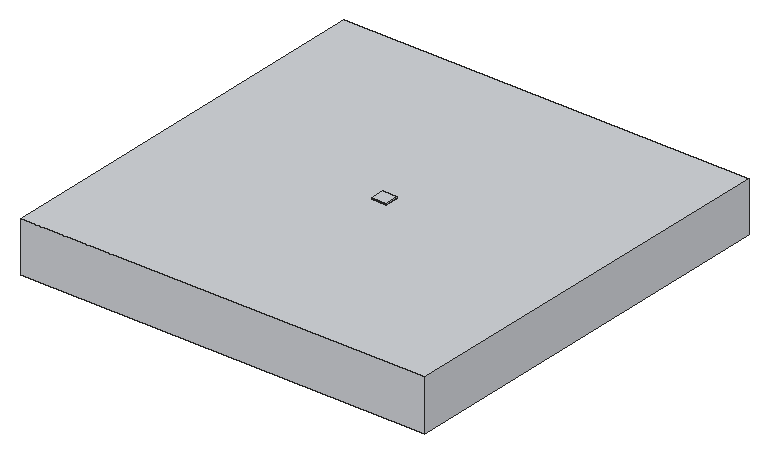
Revit family "auto-单相二三极插座", category 电气装置, Revit 2020
Family settings
  主体 = 面
  保持注释方向 = 是
  圆形连接件大小 = 使用直径
  零件类型 = 标准
  加载时剪切的空心 = 否
  共享 = 否
  房间计算点 = 否
Parameters (values of type "标准")
  宽度 = 长度  # 86.00 mm
  开关电压 = 250 V
  半径 3 = 2.80 mm
  半径 2 = 9.00 mm
  半径 1 = 11.00 mm
  极数 = 1
  材质 = none
  负荷分类 = 其他
  长度 7 = 7.90 mm
  长度 6 = 6.40 mm
  长度 5 = 1.50 mm
  长度 4 = 19.00 mm
  长度 3 = 7.30 mm
  长度 2 = 12.70 mm
  长度 1 = 5.50 mm
  长度 = 86.00 mm
  高度 = 50.00 mm
  默认高程 = 1200.00 mm
  视在负荷 = 0 VA
  角度 1 = 25.00°
Reference planes
  plane 1 "中心(前/后)": y = 0
  plane 2: z = 0
  plane 3 "中心(左/右)": x = 0
  plane 4: x = -43
  plane 5: x = 43
  plane 6: y = -43
  plane 7: y = 43
  plane 8: z = 7
  plane 9: y = 37.5
  plane 10: y = -37.5
  plane 11: z = -50
  plane 12: z = -25
  plane 13: y = -18.75
  plane 14: y = 18.75
  plane 15: x = -6.35
  plane 16: x = 6.35
  plane 17: x = -8.35
  plane 18: x = 8.35
  plane 19: x = -9.5
  plane 20: x = 9.5
  plane 21: y = 21.55
  plane 22: y = 15.95
  plane 23: y = 22.4
  plane 24: y = 15.1
  plane 25: y = -8.45
  plane 26: x = -0.75
  plane 27: x = 0.75
  plane 28: y = -5.25
  plane 29: y = -11.65
Forms (mm)
  Extrusion 1, solid
    sketch origin (0, 0, 0) x (1, 0, 0) y (0, 1, 0)
      loop
        line (-1219.2, 1219.2) -> (-1219.2, -1219.2) -> (1219.2, -1219.2) -> (1219.2, 1219.2) -> (-1219.2, 1219.2)
    from 0 to -304.8
  Extrusion 2, solid, material <- "材质", detail levels medium+fine
    sketch origin (0, 0, 0) x (1, 0, 0) y (0, 1, 0)
      loop
        line (-43, 43) -> (-43, -43) -> (43, -43) -> (43, 43) -> (-43, 43)
    from 0 to 7
  Extrusion 3, solid, material <- "材质", detail levels medium+fine
    sketch origin (0, 0, 0) x (1, 0, 0) y (0, 1, 0)
      loop
        line (-43, 37.5) -> (-43, -37.5) -> (43, -37.5) -> (43, 37.5) -> (-43, 37.5)
    from -50 to 0
  Extrusion 4, solid, material <- "材质", detail levels coarse+fine
    sketch origin (-135.292, -4572, 7) x (-1, 0, 0) y (0, -1, 0)
      loop
        line (-92.292, -4615) -> (-92.292, -4529) -> (-178.292, -4529) -> (-178.292, -4615) -> (-92.292, -4615)
    from 0 to -7
  Extrusion 5, solid, material <- "材质", detail levels coarse
    sketch origin (-135.292, -4572, 7) x (-1, 0, 0) y (0, -1, 0)
      loop
        line (-92.292, -4615) -> (-92.292, -4529) -> (-178.292, -4529) -> (-178.292, -4615) -> (-92.292, -4615)
    from -7 to -57
Lines and regions (mm)
  model lines, detail levels medium+fine
    curve 1: circle (43, -18.75, -25) r 11 normal (1, 0, 0)
    curve 2: circle (43, 18.75, -25) r 9 normal (1, 0, 0)
    curve 3: arc (-9.5, 21.55, 7) -> (-12.3, 18.75, 7) -> (-9.5, 15.95, 7) r 2.8
    curve 4: arc (9.5, 21.55, 7) -> (12.3, 18.75, 7) -> (9.5, 15.95, 7) r 2.8
    curve 5: line (-8.35, 22.4, 7) -> (-6.35, 22.4, 7)
    curve 6: line (-6.35, 15.1, 7) -> (-8.35, 15.1, 7)
    curve 7: line (-6.35, 22.4, 7) -> (-6.35, 15.1, 7)
    curve 8: line (6.35, 22.4, 7) -> (8.35, 22.4, 7)
    curve 9: line (6.35, 15.1, 7) -> (6.35, 22.4, 7)
    curve 10: line (8.35, 15.1, 7) -> (6.35, 15.1, 7)
    curve 11: line (9.5, 21.55, 7) -> (8.35, 21.55, 7)
    curve 12: line (8.35, 15.95, 7) -> (9.5, 15.95, 7)
    curve 13: line (-9.5, 21.55, 7) -> (-8.35, 21.55, 7)
    curve 14: line (-9.5, 15.95, 7) -> (-8.35, 15.95, 7)
    curve 15: line (-8.35, 22.4, 7) -> (-8.35, 21.55, 7)
    curve 16: line (-8.35, 15.95, 7) -> (-8.35, 15.1, 7)
    curve 17: line (8.35, 22.4, 7) -> (8.35, 21.55, 7)
    curve 18: line (8.35, 15.95, 7) -> (8.35, 15.1, 7)
    curve 19: line (-0.75, -5.25, 7) -> (0.75, -5.25, 7)
    curve 20: line (-0.75, -11.65, 7) -> (-0.75, -5.25, 7)
    curve 21: line (0.75, -11.65, 7) -> (-0.75, -11.65, 7)
    curve 22: line (0.75, -5.25, 7) -> (0.75, -11.65, 7)
    curve 24: line (-7.84, -22.406, 7) -> (-6.48, -21.772, 7)
    curve 25: line (-5.135, -28.206, 7) -> (-7.84, -22.406, 7)
    curve 26: line (-3.775, -27.572, 7) -> (-5.135, -28.206, 7)
    curve 27: line (-6.48, -21.772, 7) -> (-3.775, -27.572, 7)
    curve 32: line (7.84, -22.406, 7) -> (6.48, -21.772, 7)
    curve 33: line (5.135, -28.206, 7) -> (7.84, -22.406, 7)
    curve 34: line (3.775, -27.572, 7) -> (5.135, -28.206, 7)
    curve 35: line (6.48, -21.772, 7) -> (3.775, -27.572, 7)
  reference lines
    curve 23: line (0, -18.75, 7) -> (-7.16, -22.089, 7)
    curve 28: line (-7.39, -19.821, 7) -> (-3.265, -28.666, 7)
    curve 29: line (-8.7, -20.56, 7) -> (-4.625, -29.3, 7)
    curve 30: line (-6.311, -28.755, 7) -> (-1.78, -26.642, 7)
    curve 31: line (0, -18.75, 7) -> (7.16, -22.089, 7)
    curve 36: line (7.28, -20.057, 7) -> (3.267, -28.662, 7)
    curve 37: line (8.639, -20.691, 7) -> (4.627, -29.296, 7)
    curve 38: line (2.007, -26.747, 7) -> (6.861, -29.011, 7)
  symbolic lines, detail levels fine
    curve 39: line (-43, -43, 7) -> (43, -43, 7)
    curve 40: line (-43, -43, 0) -> (-43, -43, 7)
    curve 41: line (43, -43, 7) -> (43, -43, 0)
    curve 42: line (-43, -43, 0) -> (43, -43, 0)
    curve 43: line (-43, -43, -50) -> (-43, -43, 0)
    curve 44: line (43, -43, -50) -> (-43, -43, -50)
    curve 45: line (43, -43, 0) -> (43, -43, -50)
Dimensions and locks
  equal spacing: plane 4, plane 3 "中心(左/右)", plane 5
  "长度": plane 4 to plane 5
  equal spacing: plane 7, plane 1 "中心(前/后)", plane 6
  "宽度": plane 7 to plane 6
  locked: plane 8 to plane 2 at 7
  "长度 1": plane 10 to plane 6
  "长度 1": plane 7 to plane 9
  "高度": plane 2 to plane 11
  equal spacing: plane 2, plane 12, plane 11
  equal spacing: plane 10, plane 13, plane 1 "中心(前/后)"
  equal spacing: plane 1 "中心(前/后)", plane 14, plane 9
  equal spacing: plane 15, plane 3 "中心(左/右)", plane 16
  "长度 2": plane 15 to plane 16
  locked: plane 16 to plane 18 at 2
  locked: plane 17 to plane 15 at 2
  equal spacing: plane 19, plane 3 "中心(左/右)", plane 20
  "长度 4": plane 19 to plane 20
  equal spacing: plane 21, plane 14, plane 22
  "半径 3": plane 21 to plane 14
  equal spacing: plane 23, plane 14, plane 24
  "长度 3": plane 23 to plane 24
  locked: plane 25 to plane 13 at 10.3
  equal spacing: plane 26, plane 3 "中心(左/右)", plane 27
  "长度 5": plane 26 to plane 27
  equal spacing: plane 28, plane 25, plane 29
  "长度 6": plane 28 to plane 29
  "长度 7": curve 23 to curve 23
  "长度 5": curve 29 to curve 28
  "长度 6": curve 30 to curve 23
  "长度 7": curve 31 to curve 31
  "长度 5": curve 36 to curve 37
  "长度 6": curve 38 to curve 31
  "半径 1": radius of curve 1
  "半径 2": radius of curve 2
  "半径 3": radius of curve 3
  "半径 3": radius of curve 4
  "角度 1": angle plane 13 to curve 23
  "角度 1": angle curve 31 to plane 13
  aligned and locked: plane 2 to Extrusion 1
  aligned and locked: level to Extrusion 1
  aligned and locked: Extrusion 2 sketch curve to plane 7
  aligned and locked: plane 4 to Extrusion 2 sketch curve
  aligned and locked: plane 6 to Extrusion 2 sketch curve
  aligned and locked: Extrusion 2 sketch curve to plane 5
  aligned and locked: Extrusion 2 to plane 2
  aligned and locked: plane 8 to Extrusion 2
  aligned and locked: Extrusion 3 sketch curve to plane 9
  aligned and locked: Extrusion 3 sketch curve to plane 5
  aligned and locked: plane 10 to Extrusion 3 sketch curve
  aligned and locked: plane 4 to Extrusion 3 sketch curve
  aligned and locked: Extrusion 3 to plane 11
  aligned and locked: plane 2 to Extrusion 3
  aligned and locked: plane 12 to curve 1
  aligned and locked: plane 12 to curve 2
  aligned and locked: plane 14 to curve 2
  aligned and locked: plane 13 to curve 1
  aligned and locked: plane 6 to Extrusion 4 sketch curve
  aligned and locked: Extrusion 4 sketch curve to plane 5
  aligned and locked: Extrusion 4 sketch curve to plane 7
  aligned and locked: plane 4 to Extrusion 4 sketch curve
  aligned and locked: Extrusion 4 to plane 8
  aligned and locked: Extrusion 4 to plane 2
  aligned and locked: Extrusion 5 sketch curve to plane 5
  aligned and locked: plane 4 to Extrusion 5 sketch curve
  aligned and locked: plane 19 to curve 3
  aligned and locked: plane 20 to curve 4
  aligned and locked: curve 7 to plane 15
  aligned and locked: plane 16 to curve 9
  aligned and locked: plane 19 to curve 13
  aligned and locked: plane 17 to curve 13
  aligned and locked: plane 19 to curve 14
  aligned and locked: plane 18 to curve 11
  aligned and locked: plane 20 to curve 11
  aligned and locked: plane 20 to curve 12
  aligned and locked: curve 15 to plane 17
  aligned and locked: curve 16 to plane 17
  aligned and locked: curve 17 to plane 18
  aligned and locked: curve 18 to plane 18
  aligned and locked: curve 8 to plane 23
  aligned and locked: curve 5 to plane 23
  aligned and locked: plane 14 to curve 4
  aligned and locked: plane 24 to curve 10
  aligned and locked: plane 14 to curve 3
  aligned and locked: plane 24 to curve 6
  aligned and locked: curve 19 to plane 28
  aligned and locked: plane 26 to curve 20
  aligned and locked: plane 29 to curve 21
  aligned and locked: curve 22 to plane 27
  aligned and locked: plane 3 "中心(左/右)" to curve 23
  aligned and locked: plane 13 to curve 23
  aligned and locked: curve 24 to curve 23
  aligned and locked: curve 28 to curve 27
  aligned and locked: curve 25 to curve 29
  aligned and locked: curve 26 to curve 30
  aligned and locked: plane 3 "中心(左/右)" to curve 31
  aligned and locked: plane 13 to curve 31
  aligned and locked: curve 31 to curve 32
  aligned and locked: curve 36 to curve 35
  aligned and locked: curve 33 to curve 37
  aligned and locked: curve 38 to curve 34
  aligned and locked: plane 6 to nested 1
  aligned and locked: nested 1 to plane 3 "中心(左/右)"
  aligned and locked: curve 39 to plane 8
  aligned and locked: curve 41 to plane 5
  aligned and locked: plane 4 to curve 40
  aligned and locked: curve 42 to plane 2
  aligned and locked: curve 45 to plane 5
  aligned and locked: plane 11 to curve 44
  aligned and locked: plane 4 to curve 43
  aligned and locked: plane 2 to Extrusion 5
Automatic sketch dimensions
  Extrusion 1 sketch curve to Extrusion 1 sketch curve = 2438.40 mm  (x2)
  curve 21 to plane 27 = 0.00 mm
  curve 30 to curve 23 = 2.952 mm
  curve 28 to curve 23 = 0.75 mm
  curve 29 to curve 30 = 1.298 mm
  curve 29 to curve 23 = 2.036 mm
  curve 28 to curve 23 = 2.152 mm
  curve 23 to curve 29 = 7.607 mm
  curve 23 to curve 28 = 7.607 mm
  curve 38 to curve 31 = 2.702 mm
  curve 36 to curve 31 = 0.75 mm
  curve 31 to curve 38 = 2.655 mm
  curve 36 to curve 31 = 7.602 mm
  curve 37 to curve 31 = 7.602 mm
  curve 31 to curve 37 = 1.892 mm
  curve 31 to curve 36 = 1.892 mm
  plane 9 to Extrusion 5 sketch curve = 5.50 mm
  Extrusion 5 sketch curve to plane 10 = 5.50 mm
Nested families
  nested 1: "单相二三极插座 - 暗装注释" at (0, -43, 0) x (-1, 0, 0) z (0, 0, 1), type "单相二三极插座 - 暗装注释", detail levels coarse+medium
Connectors
  electrical at (43, 0, -25), driven by "负荷分类", driven by "开关电压", driven by "视在负荷", driven by "极数"
    settings: on Extrusion 3, index 1, voltage 250 V, apparent load 0 VA, apparent load phase1 0 VA, apparent load phase2 0 VA, apparent load phase3 0 VA, power factor 1, load classification "其他", number of poles 1, system type 31, power factor state 1, is connector primary yes, connector utility no, sub classification motor no, connector description ""
Definition of nested family "单相二三极插座 - 暗装注释"
  Reference planes
    plane 1: y = 0
    plane 2: x = 0
  Lines and regions (mm)
    detail lines
      curve 1: arc (-5.401, -7.5, 0) -> (-2.901, -5, 0) -> (-0.401, -7.5, 0) r 2.5
      curve 2: line (-2.901, -5, 0) -> (-2.901, 0, 0)
      curve 3: arc (0.357, -7.5, 0) -> (2.857, -5, 0) -> (5.357, -7.5, 0) r 2.5
      curve 4: line (2.857, -5, 0) -> (2.857, 0, 0)
      curve 5: line (0.357, -5, 0) -> (5.357, -5, 0)
  Dimensions and locks
    locked: curve 2 to curve 2 at 5
    locked: curve 4 to curve 4 at 5
    radius of curve 1 = 2.50 mm
